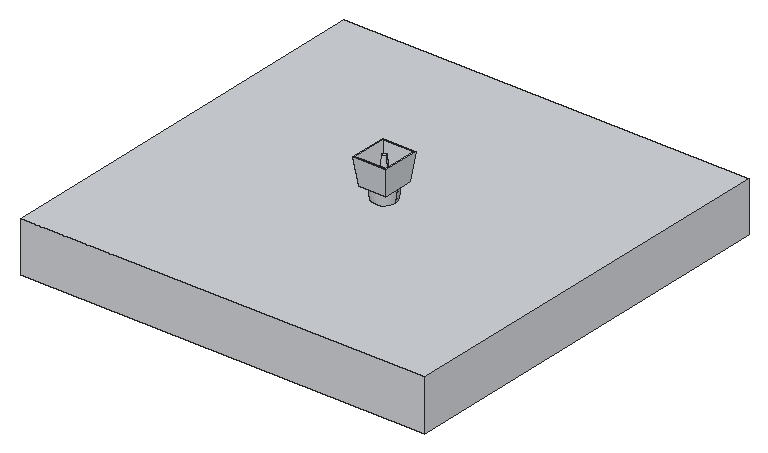
Revit family "M_Sirene de alto-falante - Sirene elétrica", category Dispositivos de alarme de incêndio, Revit 2019
Family settings
  Hospedeiro = Face
  Manter orientação da anotação = Sim
  Cota do conector redondo = Utilizar diâmetro
  Tipo de parte = Normal
  Número OmniClass = 23.85.10.11.11.14
  Título OmniClass = Sirens
  ID de item do Seek = Speaker Horn - Electric Horn-0000-CAN-ENU
  Corte com vazios quando carregada = Não
  Compartilhado = Não
  Ponto de cálculo do ambiente = Não
Parameters (values of type "Padrão")
  Largura 1 = Largura da sirene * 0.8  # 177.6 mm
  Raio 3 = Raio 2 - 12.7 mm  # 67.3 mm
  Raio 1 = Largura da sirene * 0.4  # 88.8 mm
  Raio 2 = if(Largura da sirene > Comprimento da sirene, Comprimento da sirene * 0.4, Largura da sirene * 0.4)  # 80 mm
  Comprimento 1 = Comprimento da sirene * 0.8  # 160 mm
  Altura 1 = Altura da sirene / 3  # 79 mm
  Elevação-padrão = 1200 mm
  Largura da sirene = 222 mm
  Material da sirene = none
  Comprimento da sirene = 200 mm
  Altura da sirene = 237 mm
Reference planes
  plane 1 "Centro (Frente/Trás)": y = 0
  plane 2: z = 0
  plane 3 "Centro (Esquerda/Direita)": x = 0
  plane 4: x = -100
  plane 5: x = 100
  plane 6: z = 237
  plane 7: y = 111
  plane 8: y = -111
  plane 9: y = 104.65
  plane 10: y = -104.65
  plane 11: x = -93.65
  plane 12: x = 93.65
  plane 13: x = -80
  plane 14: x = 80
  plane 15: y = 88.8
  plane 16: y = -88.8
  plane 17: y = 82.45
  plane 18: y = -82.45
  plane 19: x = -73.65
  plane 20: x = 73.65
  plane 21: z = 85.35
  plane 22: z = 79
  plane 23: x = -80
  plane 24: x = 80
Forms (mm)
  Extrusion 1, solid
    sketch origin (0, 0, 0) x (1, 0, 0) y (0, 1, 0)
      loop
        line (-1219.2, 1219.2) -> (-1219.2, -1219.2) -> (1219.2, -1219.2) -> (1219.2, 1219.2) -> (-1219.2, 1219.2)
    from 0 to -304.8
  Blend 2, solid, material <- "Material da sirene"
    base sketch origin (0, 0, 0) x (1, 0, 0) y (0, 1, 0)
      loop
        line (-80, 88.8) -> (-80, -88.8) -> (80, -88.8) -> (80, 88.8) -> (-80, 88.8)
    top sketch origin (0, 0, 0) x (1, 0, 0) y (0, 1, 0)
      loop
        line (-100, 111) -> (-100, -111) -> (100, -111) -> (100, 111) -> (-100, 111)
    from 79 to 237
  Blend 3, void
    base sketch origin (0, 0, 0) x (1, 0, 0) y (0, 1, 0)
      loop
        line (-73.65, 82.45) -> (-73.65, -82.45) -> (73.65, -82.45) -> (73.65, 82.45) -> (-73.65, 82.45)
    top sketch origin (0, 0, 0) x (1, 0, 0) y (0, 1, 0)
      loop
        line (-93.65, 104.65) -> (-93.65, -104.65) -> (93.65, -104.65) -> (93.65, 104.65) -> (-93.65, 104.65)
    from 85.35 to 237
  Blend 4, solid, material <- "Material da sirene"
    base sketch origin (0, 0, 0) x (1, 0, 0) y (0, 1, 0)
      loop
        circle (0, 0) r 67.3
    top sketch origin (0, 0, 0) x (1, 0, 0) y (0, 1, 0)
      loop
        circle (0, 0) r 80
    from 0 to 79
  Blend 5, solid, material <- "Material da sirene"
    base sketch origin (0, 0, 0) x (1, 0, 0) y (0, 1, 0)
      loop
        circle (0, 0) r 25.4
    top sketch origin (0, 0, 0) x (1, 0, 0) y (0, 1, 0)
      loop
        circle (0, 0) r 12.7
    from 80.433 to 237
Cuts and joins
  Blend 3 cuts Blend 2
Lines and regions (mm)
  symbolic lines, detail levels fine
    curve 1: line (100, 0, 237) -> (-100, 0, 237)
    curve 2: line (80, 0, 79) -> (100, 0, 237)
    curve 3: line (-100, 0, 237) -> (-80, 0, 79)
    curve 4: line (-80, 0, 79) -> (80, 0, 79)
    curve 5: line (-67.3, 0, 0) -> (67.3, 0, 0)
    curve 6: line (-67.3, 0, 0) -> (-80, 0, 79)
    curve 7: line (67.3, 0, 0) -> (80, 0, 79)
Dimensions and locks
  equal spacing: plane 4, plane 3 "Centro (Esquerda/Direita)", plane 5
  "Comprimento da sirene": plane 4 to plane 5
  "Altura da sirene": plane 6 to plane 2
  equal spacing: plane 7, plane 1 "Centro (Frente/Trás)", plane 8
  "Largura da sirene": plane 7 to plane 8
  locked: plane 4 to plane 11 at 6.35
  locked: plane 12 to plane 5 at 6.35
  locked: plane 7 to plane 9 at 6.35
  locked: plane 10 to plane 8 at 6.35
  equal spacing: plane 13, plane 3 "Centro (Esquerda/Direita)", plane 14
  "Comprimento 1": plane 13 to plane 14
  equal spacing: plane 15, plane 1 "Centro (Frente/Trás)", plane 16
  "Largura 1": plane 15 to plane 16
  locked: plane 15 to plane 17 at 6.35
  locked: plane 18 to plane 16 at 6.35
  locked: plane 13 to plane 19 at 6.35
  locked: plane 20 to plane 14 at 6.35
  "Altura 1": plane 22 to plane 2
  locked: plane 21 to plane 22 at 6.35
  "Raio 2": plane 3 "Centro (Esquerda/Direita)" to plane 23
  "Raio 2": plane 24 to plane 3 "Centro (Esquerda/Direita)"
  "Raio 3": radius of Blend 4 sketch curve
  "Raio 2": radius of Blend 4 sketch curve
  aligned and locked: plane 2 to Extrusion 1
  aligned and locked: level to Extrusion 1
  aligned and locked: plane 13 to Blend 2 sketch curve
  aligned and locked: Blend 2 sketch curve to plane 15
  aligned and locked: plane 16 to Blend 2 sketch curve
  aligned and locked: Blend 2 sketch curve to plane 14
  aligned and locked: plane 4 to Blend 2 sketch curve
  aligned and locked: Blend 2 sketch curve to plane 7
  aligned and locked: plane 8 to Blend 2 sketch curve
  aligned and locked: Blend 2 sketch curve to plane 5
  aligned and locked: plane 19 to Blend 3 sketch curve
  aligned and locked: Blend 3 sketch curve to plane 17
  aligned and locked: plane 18 to Blend 3 sketch curve
  aligned and locked: Blend 3 sketch curve to plane 20
  aligned and locked: plane 11 to Blend 3 sketch curve
  aligned and locked: Blend 3 sketch curve to plane 9
  aligned and locked: plane 10 to Blend 3 sketch curve
  aligned and locked: Blend 3 sketch curve to plane 12
  aligned and locked: plane 6 to Blend 2
  aligned and locked: plane 6 to Blend 3
  aligned and locked: Blend 4 to plane 2
  aligned and locked: plane 1 "Centro (Frente/Trás)" to Blend 5 sketch curve  (x2)
  aligned and locked: plane 3 "Centro (Esquerda/Direita)" to Blend 5 sketch curve  (x2)
  aligned and locked: plane 6 to Blend 5
  aligned and locked: Blend 3 to plane 21
  aligned and locked: cut or joined group of Blend 2, Blend 3 to plane 22
  aligned and locked: plane 22 to Blend 4
  aligned and locked: curve 1 to cut or joined group of Blend 2, Blend 3
  aligned and locked: curve 2 to cut or joined group of Blend 2, Blend 3
  aligned and locked: curve 3 to cut or joined group of Blend 2, Blend 3
  aligned and locked: plane 1 "Centro (Frente/Trás)" to Blend 4 sketch curve  (x2)
  aligned and locked: plane 3 "Centro (Esquerda/Direita)" to Blend 4 sketch curve  (x2)
  aligned and locked: plane 1 "Centro (Frente/Trás)" to nested 1
  aligned and locked: plane 3 "Centro (Esquerda/Direita)" to nested 1
  aligned and locked: curve 4 to cut or joined group of Blend 2, Blend 3
  aligned and locked: curve 5 to Blend 4
  aligned and locked: curve 6 to Blend 4
  aligned and locked: curve 7 to Blend 4
  aligned and locked: plane 23 to curve 6
  aligned and locked: plane 24 to curve 7
Automatic sketch dimensions
  Extrusion 1 sketch curve to Extrusion 1 sketch curve = 2438.4 mm  (x2)
  radius of Blend 5 sketch curve = 25.4 mm
  radius of Blend 5 sketch curve = 12.7 mm
Nested families
  nested 1: "M_Anotação da sirene" at (0, 0, 0), type "Anotação da sirene", detail levels coarse+medium
Connectors
  electrical at (0, 0, 0)
    settings: on Blend 4, index 1, voltage 0 V, apparent load 0 VA, apparent load phase1 0 VA, apparent load phase2 0 VA, apparent load phase3 0 VA, power factor 1, load classification "Outros", number of poles 1, system type 11, power factor state 1, is connector primary yes, connector utility no, sub classification motor no, connector description ""
Definition of nested family "M_Anotação da sirene"
  Parameters
    Anotação de legenda = ""
  Reference planes
    plane 1: y = 0
    plane 2: x = 0
  Lines and regions (mm)
    reference lines
      curve 1: line (-3.175, 30.805, 0) -> (-3.175, -4.716, 0)
      curve 2: line (0, 36.254, 0) -> (0, -4.716, 0)
      curve 3: line (-6.692, 3.175, 0) -> (10.404, 3.175, 0)
      curve 8: line (1.587, 6.294, 0) -> (1.587, -3.776, 0)
      curve 9: line (-9.871, 1.588, 0) -> (21.048, 1.588, 0)
      curve 10: line (-0.779, 2.778, 0) -> (8.542, 2.778, 0)
      curve 11: line (-1.116, 0.397, 0) -> (8.88, 0.397, 0)
    detail lines
      curve 4: line (-3.175, 3.175, 0) -> (0, 3.175, 0)
      curve 5: line (-3.175, 0, 0) -> (-3.175, 3.175, 0)
      curve 6: line (0, 0, 0) -> (-3.175, 0, 0)
      curve 7: line (0, 3.175, 0) -> (0, 0, 0)
      curve 12: line (1.587, 2.778, 0) -> (1.587, 0.397, 0)
      curve 13: line (0, 1.588, 0) -> (1.587, 2.778, 0)
      curve 14: line (0, 1.588, 0) -> (1.587, 0.397, 0)
  Text (mm)
    label "M" at (-3.017, 1.421, 0), shows "Anotação de legenda"
  Dimensions and locks
    locked: plane 1 to curve 3 at 3.175
    curve 2 to curve 8 = 1.588 mm
    locked: curve 1 to curve 2 at 3.175
    locked: curve 2 to plane 2 at 0
    locked: plane 1 to curve 9 at 1.588
    locked: curve 9 to curve 10 at 1.191
    locked: curve 11 to curve 9 at 1.191
    aligned and locked: curve 3 to curve 4
    aligned and locked: curve 2 to curve 7
    aligned and locked: curve 6 to plane 1
    aligned and locked: curve 5 to curve 1
    aligned and locked: curve 10 to curve 12
    aligned and locked: curve 11 to curve 12
    aligned and locked: curve 8 to curve 12
